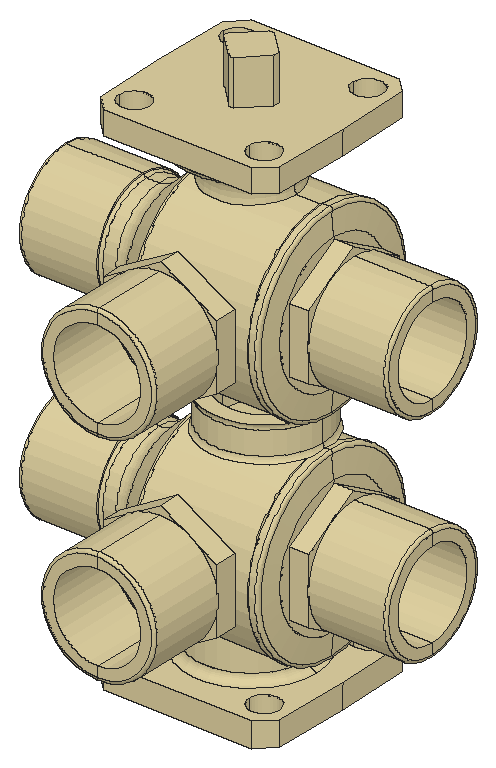
Revit family "QS01660000", category Apparecchi idraulici, Revit 2020
Family settings
  Quota connettore circolare = Usa diametro
  Tipo di parte = Normale
  Numero OmniClass = 23.45.00.00
  Titolo OmniClass = Sanitary, Laundry, and Cleaning Equipment
  Basato su piano di lavoro = No
  Sempre verticale = Sì
  Taglio con vuoti quando caricato = No
  Condiviso = No
  Punto di calcolo locali = No
Parameters
  URL = "https://web.cimberio.it/index.php/figura/1719?subcategoria_id=109"
  Temperatura di esercizio = "-10 ÷ 120°C"
  Prospetto di default = 0 mm
  Produttore = "CIMBERIO SPA"
  Pressione nominale = "PN 25"
  Modello = "Cim 671WA"
  Materiale = "Prodotto in lega di ottone “CR” – “DZR” conforme alla norma EN 12165-CW602N-M."
  Descrizione = "Utilizzato nei più svariati settori dell'impiantistica: impianti di riscaldamento, condizionamento, idrici, igienico-sanitari e in generale con ogni fluido non corrosivo."
  DN [instance] = 20 mm
  Commenti sul tipo = "Realizzato in ottemperanza ai requisiti gestionali della norma EN ISO 9001. Collaudato al 100% secondo la normativa EN 12266-1."
Reference planes
  plane 1 "Centro (Fronte/Retro)": y = 0
  plane 2: z = 0
  plane 3 "Centro (Sinistra/Destra)": x = 0
Dimensions and locks
  aligned and locked: level to plane 2
Nested families
  nested 1: "QS01661020" at (0, 0, 0), type "QS01661020"
Connectors
  piping at (-42.831, 0, 25), diameter 20, driven by "DN"
    settings: on nested 1, index 1, connector inside diameter 609.6 mm, connector length 0 mm, flow factor 0, pipe flow 0.0 L/s, pressure drop 0.0 Pa, fitting loss kfactor 0, connector angle 0.00°, fixture units 0, engagement length 0 mm, angle of deflection 0.00°, flow configuration 0, flow direction 0, fitting loss method 0, system type 7, joint type 0, gender type 0, connector reference index -1, connector utility 0, adjustable connector no, is connector primary yes, connector description ""
  piping at (-42.831, 0, -25), diameter 20, driven by "DN"
    settings: on nested 1, index 2, connector inside diameter 609.6 mm, connector length 0 mm, flow factor 0, pipe flow 0.0 L/s, pressure drop 0.0 Pa, fitting loss kfactor 0, connector angle 0.00°, fixture units 0, engagement length 0 mm, angle of deflection 0.00°, flow configuration 0, flow direction 0, fitting loss method 0, system type 7, joint type 0, gender type 0, connector reference index -1, connector utility 0, adjustable connector no, is connector primary no, connector description ""
  piping at (0, -43.987, -25), diameter 20, driven by "DN"
    settings: on nested 1, index 3, connector inside diameter 609.6 mm, connector length 0 mm, flow factor 0, pipe flow 0.0 L/s, pressure drop 0.0 Pa, fitting loss kfactor 0, connector angle 0.00°, fixture units 0, engagement length 0 mm, angle of deflection 0.00°, flow configuration 0, flow direction 0, fitting loss method 0, system type 7, joint type 0, gender type 0, connector reference index -1, connector utility 0, adjustable connector no, is connector primary no, connector description ""
  piping at (0, -43.987, 25), diameter 20, driven by "DN"
    settings: on nested 1, index 4, connector inside diameter 609.6 mm, connector length 0 mm, flow factor 0, pipe flow 0.0 L/s, pressure drop 0.0 Pa, fitting loss kfactor 0, connector angle 0.00°, fixture units 0, engagement length 0 mm, angle of deflection 0.00°, flow configuration 0, flow direction 0, fitting loss method 0, system type 7, joint type 0, gender type 0, connector reference index -1, connector utility 0, adjustable connector no, is connector primary no, connector description ""
  piping at (41.487, 0, 25), diameter 20, driven by "DN"
    settings: on nested 1, index 5, connector inside diameter 609.6 mm, connector length 0 mm, flow factor 0, pipe flow 0.0 L/s, pressure drop 0.0 Pa, fitting loss kfactor 0, connector angle 0.00°, fixture units 0, engagement length 0 mm, angle of deflection 0.00°, flow configuration 0, flow direction 0, fitting loss method 0, system type 7, joint type 0, gender type 0, connector reference index -1, connector utility 0, adjustable connector no, is connector primary no, connector description ""
  piping at (41.487, 0, -25), diameter 20, driven by "DN"
    settings: on nested 1, index 6, connector inside diameter 609.6 mm, connector length 0 mm, flow factor 0, pipe flow 0.0 L/s, pressure drop 0.0 Pa, fitting loss kfactor 0, connector angle 0.00°, fixture units 0, engagement length 0 mm, angle of deflection 0.00°, flow configuration 0, flow direction 0, fitting loss method 0, system type 7, joint type 0, gender type 0, connector reference index -1, connector utility 0, adjustable connector no, is connector primary no, connector description ""
Definition of nested family "QS01661020"
  Parameters (values of type "QS01661020")
    Default Elevation = 0 mm
  Reference planes
    plane 1 "Centro (Fronte/Retro)": y = 0
    plane 2: z = 0
    plane 3 "Centro (Sinistra/Destra)": x = 0
  Forms (mm)
    Extrusion 1, solid
      sketch origin (0, 0, 28.55) x (1, 0, 0) y (0, 1, 0)
        loop
          arc (-16.971, 21) -> (-18.836, 19.345) -> (-20.54, 17.525) r 27
          line (-20.54, 17.525) -> (-20.999, 0) -> (-20.54, -17.525)
          arc (-20.54, -17.525) -> (-18.836, -19.345) -> (-16.971, -21) r 27
          line (-16.971, -21) -> (16.971, -21)
          arc (16.971, -21) -> (18.836, -19.345) -> (20.54, -17.525) r 27
          line (20.54, -17.525) -> (20.999, 0) -> (20.54, 17.525)
          arc (20.54, 17.525) -> (18.836, 19.345) -> (16.971, 21) r 27
          line (16.971, 21) -> (-16.971, 21)
        loop
          circle (14.849, 14.849) r 3.5
        loop
          circle (14.849, -14.849) r 3.5
        loop
          circle (-14.849, -14.849) r 3.5
        loop
          circle (-14.849, 14.849) r 3.5
      from 29.217 to 34.45
    Revolve 2, solid
      sketch origin (0, 0, 0) x (1, 0, 0) y (0, 0, 1)
        loop
          line (0, 57.767) -> (-18.349, 57.767)
          arc (-18.349, 57.767) -> (-16.952, 57.177) -> (-16.4, 55.765) r 1.95
          line (-16.4, 55.765) -> (-16.4, 54.276)
          arc (-16.4, 54.276) -> (-16.134, 53.597) -> (-15.477, 53.279) r 1
          arc (-15.477, 53.279) -> (-11.106, 50.846) -> (-10.106, 45.945) r 5.99
          line (-10.106, 45.945) -> (0, 45.945) -> (0, 57.767)
        axis (0, 57.767) -> (0, 45.945)
      angle from 0 to 360
    Revolve 3, solid
      sketch origin (0, 0, 0) x (1, 0, 0) y (0, 0, 1)
        loop
          line (-24.866, 35) -> (18.978, 35) -> (18.978, 40.478) -> (18.525, 45.652)
          arc (18.525, 45.652) -> (18.376, 46.174) -> (17.883, 46.4) r 0.65
          line (17.883, 46.4) -> (16.5, 46.4) -> (15.807, 46) -> (-10.093, 46)
          arc (-10.093, 46) -> (-10.476, 45.924) -> (-10.8, 45.707) r 1
          line (-10.8, 45.707) -> (-17.541, 38.966)
          arc (-17.541, 38.966) -> (-19.164, 37.881) -> (-21.078, 37.5) r 5
          line (-21.078, 37.5) -> (-24, 37.5)
          arc (-24, 37.5) -> (-24.5, 37.634) -> (-24.866, 38) r 1
          line (-24.866, 38) -> (-24.866, 35)
        axis (-24.866, 25) -> (18.978, 25)
      angle from 0 to 360
    Revolve 4, solid
      sketch origin (0, 0, -50) x (1, 0, 0) y (0, 0, 1)
        loop
          line (-24.866, 35) -> (18.978, 35) -> (18.978, 40.478) -> (18.525, 45.652)
          arc (18.525, 45.652) -> (18.376, 46.174) -> (17.883, 46.4) r 0.65
          line (17.883, 46.4) -> (16.5, 46.4) -> (15.807, 46) -> (-10.093, 46)
          arc (-10.093, 46) -> (-10.476, 45.924) -> (-10.8, 45.707) r 1
          line (-10.8, 45.707) -> (-17.541, 38.966)
          arc (-17.541, 38.966) -> (-19.164, 37.881) -> (-21.078, 37.5) r 5
          line (-21.078, 37.5) -> (-24, 37.5)
          arc (-24, 37.5) -> (-24.5, 37.634) -> (-24.866, 38) r 1
          line (-24.866, 38) -> (-24.866, 35)
        axis (-24.866, 25) -> (18.978, 25)
      angle from 0 to 360
    Extrusion 5, solid
      sketch origin (0, 0, 0) x (0, 1, 0) y (0, 0, 1)
        loop
          circle (0, 25) r 10
        loop
          line (0, 40) -> (-12.99, 32.5) -> (-12.99, 17.5) -> (0, 10) -> (12.99, 17.5) -> (12.99, 32.5) -> (0, 40)
      from 18.5 to 23.5
    Extrusion 6, solid
      sketch origin (0, 0, -50) x (0, 1, 0) y (0, 0, 1)
        loop
          circle (0, 25) r 10
        loop
          line (0, 40) -> (-12.99, 32.5) -> (-12.99, 17.5) -> (0, 10) -> (12.99, 17.5) -> (12.99, 32.5) -> (0, 40)
      from 18.5 to 23.5
    Revolve 7, solid
      sketch origin (0, 0, 0) x (1, 0, 0) y (0, 0, 1)
        loop
          line (23.5, 38.125) -> (23.5, 35) -> (41.487, 35) -> (41.487, 37.443)
          arc (41.487, 37.443) -> (41.287, 37.925) -> (40.805, 38.125) r 0.682
          line (40.805, 38.125) -> (23.5, 38.125)
        axis (23.5, 25) -> (41.487, 25)
      angle from 0 to 360
    Revolve 8, solid
      sketch origin (0, 0, -50) x (1, 0, 0) y (0, 0, 1)
        loop
          line (23.5, 38.125) -> (23.5, 35) -> (41.487, 35) -> (41.487, 37.443)
          arc (41.487, 37.443) -> (41.287, 37.925) -> (40.805, 38.125) r 0.682
          line (40.805, 38.125) -> (23.5, 38.125)
        axis (23.5, 25) -> (41.487, 25)
      angle from 0 to 360
    Revolve 9, solid
      sketch origin (-1.344, 0, 0) x (-1, 0, 0) y (0, 0, -1)
        loop
          line (23.5, -38.125) -> (40.805, -38.125)
          arc (40.805, -38.125) -> (41.287, -37.925) -> (41.487, -37.443) r 0.682
          line (41.487, -37.443) -> (41.487, -35) -> (23.5, -35) -> (23.5, -38.125)
        axis (23.5, -25) -> (41.487, -25)
      angle from 0 to 360
    Revolve 10, solid
      sketch origin (-1.344, 0, -50) x (-1, 0, 0) y (0, 0, -1)
        loop
          line (23.5, -38.125) -> (40.805, -38.125)
          arc (40.805, -38.125) -> (41.287, -37.925) -> (41.487, -37.443) r 0.682
          line (41.487, -37.443) -> (41.487, -35) -> (23.5, -35) -> (23.5, -38.125)
        axis (23.5, -25) -> (41.487, -25)
      angle from 0 to 360
    Revolve 11, solid
      sketch origin (0, 0, 0) x (1, 0, 0) y (0, 0, 1)
        loop
          line (-10, 2.68) -> (-10, -2.68)
          arc (-10, -2.68) -> (-10.145, -3.41) -> (-10.557, -4.03) r 1.915
          line (-10.557, -4.03) -> (-6.75, -4.03) -> (-6.75, 3.998) -> (-10.498, 3.998)
          arc (-10.498, 3.998) -> (-10.129, 3.384) -> (-10, 2.68) r 1.995
        axis (3.25, 3.998) -> (3.25, -4.03)
      angle from 0 to 360
    Revolve 12, solid
      sketch origin (0, 0, 0) x (1, 0, 0) y (0, 0, 1)
        loop
          line (-13, -40.786) -> (-13, -48.421)
          arc (-13, -48.421) -> (-13.587, -49.837) -> (-15.003, -50.424) r 2.003
          line (-15.003, -50.424) -> (-10, -50.424) -> (-10, -40.786) -> (-13, -40.786)
        axis (0, -40.786) -> (0, -50.424)
      angle from 0 to 360
    Extrusion 13, solid
      sketch origin (0, 0, -84.874) x (1, 0, 0) y (0, 1, 0)
        loop
          arc (-16.971, 21) -> (-18.836, 19.345) -> (-20.54, 17.525) r 27
          line (-20.54, 17.525) -> (-20.999, 0) -> (-20.54, -17.525)
          arc (-20.54, -17.525) -> (-18.836, -19.345) -> (-16.971, -21) r 27
          line (-16.971, -21) -> (16.971, -21)
          arc (16.971, -21) -> (18.836, -19.345) -> (20.54, -17.525) r 27
          line (20.54, -17.525) -> (20.999, 0) -> (20.54, 17.525)
          arc (20.54, 17.525) -> (18.836, 19.345) -> (16.971, 21) r 27
          line (16.971, 21) -> (-16.971, 21)
        loop
          circle (14.849, 14.849) r 3.5
        loop
          circle (14.849, -14.849) r 3.5
        loop
          circle (-14.849, -14.849) r 3.5
        loop
          circle (-14.849, 14.849) r 3.5
      from 28.873 to 34.45
    Extrusion 14, solid
      sketch origin (0, 0, 63) x (1, 0, 0) y (0, 1, 0)
        loop
          arc (-5.713, 0.651) -> (-5.75, 0) -> (-5.713, -0.651) r 5.75
          line (-5.713, -0.651) -> (-0.651, -5.713)
          arc (-0.651, -5.713) -> (0, -5.75) -> (0.651, -5.713) r 5.75
          line (0.651, -5.713) -> (5.713, -0.651)
          arc (5.713, -0.651) -> (5.75, 0) -> (5.713, 0.651) r 5.75
          line (5.713, 0.651) -> (0.651, 5.713)
          arc (0.651, 5.713) -> (0, 5.75) -> (-0.651, 5.713) r 5.75
          line (-0.651, 5.713) -> (-5.713, 0.651)
      from 0 to 10.3
    Extrusion 15, solid
      sketch origin (0, -2.5, 0) x (1, 0, 0) y (0, 0, 1)
        loop
          circle (0, 25) r 10
        loop
          line (0, 40) -> (-12.99, 32.5) -> (-12.99, 17.5) -> (0, 10) -> (12.99, 17.5) -> (12.99, 32.5) -> (0, 40)
      from 18.5 to 23.5
    Revolve 16, solid
      sketch origin (0, -2.5, 0) x (0, -1, 0) y (0, 0, 1)
        loop
          line (23.5, 38.125) -> (23.5, 35) -> (41.487, 35) -> (41.487, 37.443)
          arc (41.487, 37.443) -> (41.287, 37.925) -> (40.805, 38.125) r 0.682
          line (40.805, 38.125) -> (23.5, 38.125)
        axis (23.5, 25) -> (41.487, 25)
      angle from 0 to 360
    Extrusion 17, solid
      sketch origin (0, -2.5, -50) x (1, 0, 0) y (0, 0, 1)
        loop
          circle (0, 25) r 10
        loop
          line (0, 40) -> (-12.99, 32.5) -> (-12.99, 17.5) -> (0, 10) -> (12.99, 17.5) -> (12.99, 32.5) -> (0, 40)
      from 18.5 to 23.5
    Revolve 18, solid
      sketch origin (0, -2.5, -50) x (0, -1, 0) y (0, 0, 1)
        loop
          line (23.5, 38.125) -> (23.5, 35) -> (41.487, 35) -> (41.487, 37.443)
          arc (41.487, 37.443) -> (41.287, 37.925) -> (40.805, 38.125) r 0.682
          line (40.805, 38.125) -> (23.5, 38.125)
        axis (23.5, 25) -> (41.487, 25)
      angle from 0 to 360
  Dimensions and locks
    aligned and locked: level to plane 2
